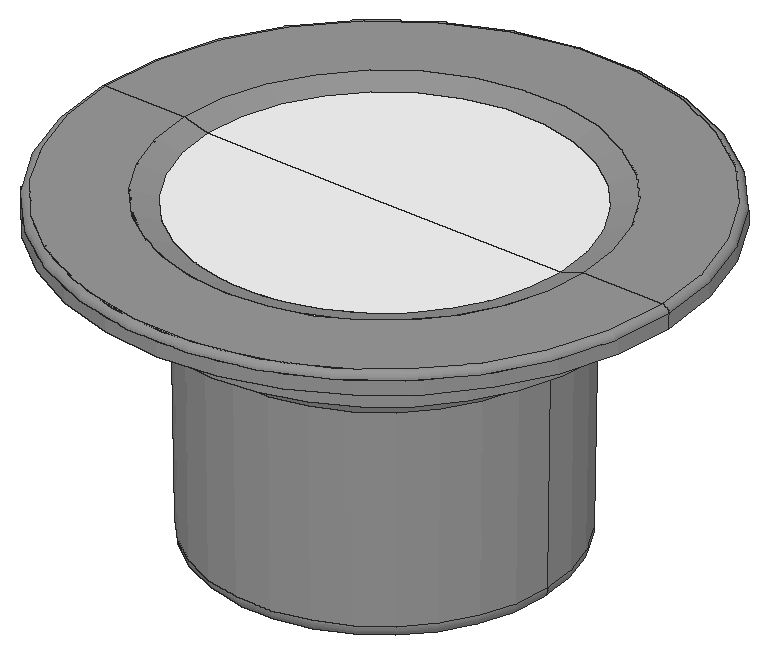
Revit family "0005382", category Lighting Fixtures, host Face, Revit 2016
Family settings
  Host = Face
  Part Type = Normal
  Round Connector Dimension = Use Diameter
  OmniClass Number = 23.80.70.00
  OmniClass Title = Lighting
  Cut with Voids When Loaded = No
  Light Source = Yes
  Shared = No
  Room Calculation Point = No
Parameters (values of type "0005382 START eco Spot 500lm IP65 SUNDIM WHT")
  Weight = "kg"
  Wattage Comments = ""
  Wattage = 7 W
  WarrantyStartDate [instance] = "n/a"
  WarrantyGuarantorParts = "n/a"
  WarrantyDurationUnit = "n/a"
  WarrantyDurationParts = "n/a"
  WarrantyDescription = "n/a"
  built-in parameter 1150110 = 1 (stored number, unit not read)
  Voltage = 230 V
  URL = "http://www.sylvania-lighting.com"
  TypeName = "Start eco Spot 500lm IP65 SUNDIM WHT"
  Type Image = <None>
  Type Comments = "n/a"
  built-in parameter 1114217 = 1 (stored number, unit not read)
  Tilt Angle = -90.00°
  built-in parameter 1150109 = 1 (stored number, unit not read)
  built-in parameter 1150134 = (empty or 0)
  built-in parameter 1150113 = 1 (stored number, unit not read)
  SerialNumber [instance] = "n/a"
  Photometric Web File = "0005382.ies"
  Material_3_SYL = none
  PowerFactor = 0
  PowerConsumption = "7 W"
  NominalLength = 87 mm
  NominalHeight = 47 mm
  NominalDepth = 87 mm
  Name = "Start eco Spot 500lm IP65 SUNDIM WHT"
  ModelReference = Name  # "Start eco Spot 500lm IP65 SUNDIM WHT"
  ModelNumber = "0005382"
  Model = Name  # "Start eco Spot 500lm IP65 SUNDIM WHT"
  Material = "n/a"
  ManufacturerName = "Feilo Sylvania"
  Manufacturer = "Feilo Sylvania"
  LuminousEfficacy = "71.42 lm/W"
  built-in parameter 1150105 = 199.65 (stored number, unit not read)
  Lumens = 500 lm
  LuminaireType = ""
  built-in parameter 1150115 = 1 (stored number, unit not read)
  LightOutputRatio = "n/a"
  built-in parameter 1150137 = (empty or 0)
  built-in parameter 1150139 = (empty or 0)
  LampsType = Lamp  # "LED"
  LampNominalLuminous = "n/a"
  LampMacAdamStep = "n/a"
  LampColourTemperature = "3000 K"
  LampColourRenderingIndex = "n/a"
  built-in parameter 1150112 = 1 (stored number, unit not read)
  built-in parameter 1150114 = 1 (stored number, unit not read)
  Lamp = "LED"
  Keynote = "16500"
  InstallationDate [instance] = "n/a"
  InputVoltage = "220-240 V~"
  InputNominalFrequency = "50/60/Hz"
  built-in parameter 1150132 = (empty or 0)
  built-in parameter 1150102 = (empty or 0)
  built-in parameter 1150107 = 3000 (stored number, unit not read)
  built-in parameter 1150138 = (empty or 0)
  IngressProtection = "IP20/IP65"
  ImpactProtectionIndex = "IK03"
  built-in parameter 1150106 = 1.9965 (stored number, unit not read)
  IfcExportType = "IfcLightFixtureType"
  IfcExportAs = "IfcLightFixtureType"
  Emit from Circle Diameter = 54 mm
  Emit Shape Visible in Rendering = no
  ElectricShockClassification = "Class II"
  built-in parameter 1150104 = 6.6359 (stored number, unit not read)
  DocumentationLiterature = "http://www.sylvania-lighting.com/product/en-int/products/0005382"
  DimmingControlOptions = "Dimmable"
  Material_2_SYL = Diffuser-Sylvania
  Dimming Lamp Color Temperature Shift = <None>
  Description = ""
  Default Elevation = 1219.2 mm
  CreatedOn = "3/7/2019"
  CreatedBy = "@sylvania-lighting.com"
  Cost = 0
  Color Filter = 16777215
  built-in parameter 1114216 [instance] = (empty or 0)
  ClassificationValue = "EF_70_80"
  ClassificationName = "Uniclass2015"
  Material_1_SYL = Plastic, Opaque White
  BarCode [instance] = "n/a"
  built-in parameter 1114218 = 1 (stored number, unit not read)
  built-in parameter 1150133 = 10 (stored number, unit not read)
  AssetType = "Fixed"
  AssetIdentifier [instance] = "n/a"
  Assembly Code = "D5020200"
  Apparent Load = 7 VA
  Material_4_SYL = none
Reference planes
  plane 1 "Center (Front/Back)": y = 0
  plane 2: z = 0
  plane 3 "Center (Left/Right)": x = 0
  plane 4: x = -35
  plane 5: z = -100
  plane 6: z = 3
  plane 7: x = -43.5
  plane 8: z = 2
  plane 9: x = -42.5
  plane 10: x = -30.5
  plane 11: x = -27
  plane 12: x = -33
  plane 13: z = -7.5
  plane 14: z = -9.5
  plane 15: x = -25.5
  plane 16: z = -12.5
  plane 17: z = -44
  plane 18: x = -25
Forms (mm)
  Revolve 1, void
    sketch origin (0, 0, 0) x (1, 0, 0) y (0, 0, 1)
      loop
        line (0, 0) -> (-35, 0) -> (-35, -100) -> (0, -100) -> (0, 0)
      axis (0, 0) -> (0, -100)
    angle from 360 to 0
  Revolve 2, solid, material "Plastic, Opaque White" <- "Material_1_SYL"
    sketch origin (0, 0, 0) x (1, 0, 0) y (0, 0, 1)
      loop
        line (0, 2) -> (-27, 2) -> (-30.5, 3) -> (-42.5, 3)
        arc (-42.5, 3) -> (-43.207, 2.707) -> (-43.5, 2) r 1
        line (-43.5, 2) -> (-43.5, 0) -> (-33, 0) -> (-33, -7.5) -> (-27, -7.5) -> (-27, -9.5) -> (-25.5, -12.5) -> (-25.031, -42.032)
        arc (-25.031, -42.032) -> (-24.434, -43.425) -> (-23.031, -44) r 2
        line (-23.031, -44) -> (0, -44) -> (0, 2)
      axis (0, 3) -> (0, -44)
    angle from 360 to 0
Lines and regions (mm)
  reference lines
    curve 1: line (-25, 0, -44) -> (-25.5, 0, -12.5)
Dimensions and locks
  locked: plane 3 "Center (Left/Right)" to plane 4 at 35
  locked: plane 2 to plane 5 at 100
  locked: plane 6 to plane 2 at 3
  locked: plane 3 "Center (Left/Right)" to plane 7 at 43.5
  locked: plane 6 to plane 8 at 1
  locked: plane 9 to plane 7 at 1
  locked: plane 3 "Center (Left/Right)" to plane 10 at 30.5
  locked: plane 3 "Center (Left/Right)" to plane 11 at 27
  locked: plane 3 "Center (Left/Right)" to plane 12 at 33
  locked: plane 2 to plane 13 at 7.5
  locked: plane 13 to plane 14 at 2
  locked: plane 3 "Center (Left/Right)" to plane 15 at 25.5
  locked: plane 14 to plane 16 at 3
  locked: plane 6 to plane 17 at 47
  locked: plane 3 "Center (Left/Right)" to plane 18 at 25
  aligned and locked: plane 2 to host face
  aligned and locked: level to host face
  aligned and locked: Revolve 1 sketch curve to plane 3 "Center (Left/Right)"
  aligned and locked: level to Revolve 1 sketch curve
  aligned and locked: plane 3 "Center (Left/Right)" to Revolve 1 sketch curve
  aligned and locked: Revolve 1 sketch curve to plane 4
  aligned and locked: plane 5 to Revolve 1 sketch curve
  aligned and locked: plane 3 "Center (Left/Right)" to Revolve 2 sketch curve  (x2)
  aligned and locked: Revolve 2 sketch curve to plane 8
  aligned and locked: plane 6 to Revolve 2 sketch curve
  aligned and locked: Revolve 2 sketch curve to plane 6
  aligned and locked: level to Revolve 2 sketch curve
  aligned and locked: Revolve 2 sketch curve to plane 7
  aligned and locked: plane 12 to Revolve 2 sketch curve
  aligned and locked: Revolve 2 sketch curve to level
  aligned and locked: Revolve 2 sketch curve to plane 12
  aligned and locked: plane 13 to Revolve 2 sketch curve
  aligned and locked: plane 9 to Revolve 2 sketch curve
  aligned and locked: plane 8 to Revolve 2 sketch curve
  aligned and locked: plane 14 to Revolve 2 sketch curve
  aligned and locked: Revolve 2 sketch curve to plane 11
  aligned and locked: plane 15 to Revolve 2 sketch curve
  aligned and locked: plane 17 to Revolve 2 sketch curve
  aligned and locked: plane 18 to curve 1
  aligned and locked: plane 17 to curve 1
  aligned and locked: plane 16 to curve 1
  aligned and locked: plane 15 to curve 1
  aligned and locked: Revolve 2 sketch curve to curve 1
  aligned and locked: plane 3 "Center (Left/Right)" to imposter light
  aligned and locked: imposter light to plane 8
  aligned and locked: imposter light to plane 1 "Center (Front/Back)"
Connectors
  electrical at (0, 0, 0), driven by "Apparent Load", driven by "PowerFactor", driven by "Voltage"
    settings: index 1, voltage 230 V, apparent load 7 VA, apparent load phase1 0 VA, apparent load phase2 0 VA, apparent load phase3 0 VA, power factor 0, load classification "Lighting", number of poles 1, system type 30, power factor state 1, is connector primary yes, connector utility no, sub classification motor no, connector description ""
